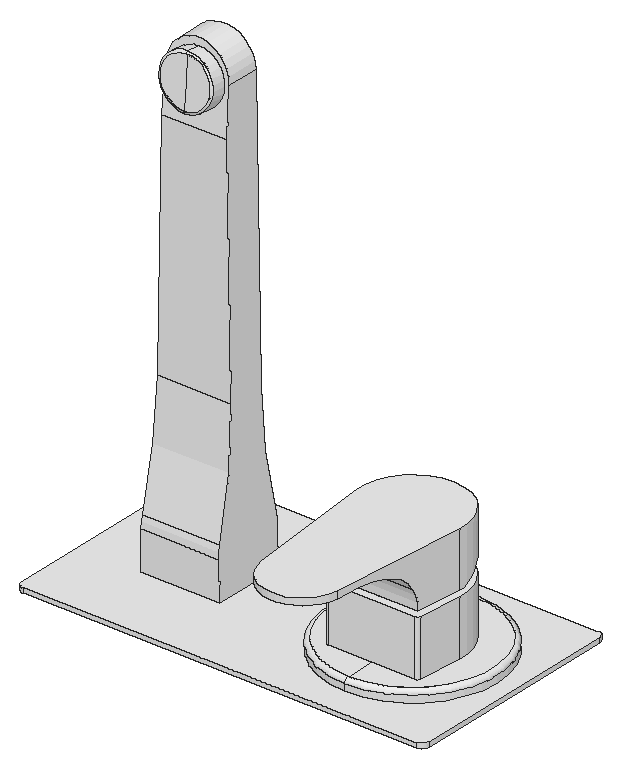
Revit family "Mixer-Basin-Dorf Viridian-Wall", category Plumbing Fixtures, host Face, Revit 2013
Parameters (values of type "Standard")
  Waste Connection = no
  Vent Connection = no
  URL = "http://www.dorf.com.au/"
  Type Comments = "Dorf Viridian Wall Basin Mixer"  # constant formula
  ModifiedIssue_ANZRS = 1  # constant formula
  Model = "811020C5A"  # constant formula
  Material_ANZRS = Metal-Chrome-Caroma
  Manufacturer = "GWA Bathrooms & Kitchens"  # constant formula
  HWFU = 1.58  # constant formula
  HW Connection = yes
  Description = "WELS 5 Star rated, 6L/min"  # constant formula
  Default Elevation = 900 mm
  CreatedBy_ANZRS = "Design Content"  # constant formula
  CreatedByURL_ANZRS = "www.designcontent.com.au"
  Cost = 0
  Connector Radius = 10 mm
  CWFU = 1.58  # constant formula
  CW Connection = yes
  Assembly Code = "C1030210"
Reference planes
  plane 1 "Center (Front/Back)": y = 0
  plane 2: z = 0
  plane 3 "Center (Left/Right)": x = 0
  plane 4 "Right": x = 90
  plane 5 "Left": x = -90
  plane 6 "Top": y = 50
  plane 7 "Bottom": y = -50
  plane 8 "Centre of Mixer": x = 45
  plane 9 "Centre of Outlet": x = -45
Forms (mm)
  Extrusion 1, solid, material "Metal-Chrome-Caroma" <- "Material_ANZRS"
    sketch origin (59.2, 0, 0) x (1, 0, 0) y (0, 1, 0)
      loop
        circle (-7.071, -7.071) r 10
    from -20 to 0
  Extrusion 2, solid, material "Metal-Chrome-Caroma" <- "Material_ANZRS"
    sketch origin (30.8, 0, 0) x (-1, 0, 0) y (0, -1, 0)
      loop
        circle (-7.071, -7.071) r 10
    from -20 to 0
  Extrusion 3, solid, material "Metal-Chrome-Caroma" <- "Material_ANZRS"
    sketch origin (45, 0, 0) x (1, 0, 0) y (0, 1, 0)
      loop
        arc (-20.591, -21.16) -> (-20.107, -22.127) -> (-19.097, -22.518) r 1.5
        line (-19.097, -22.518) -> (19.097, -22.518)
        arc (19.097, -22.518) -> (20.107, -22.127) -> (20.591, -21.16) r 1.5
        line (20.591, -21.16) -> (22.401, -2.131)
        arc (22.401, -2.131) -> (0, 22.502) -> (-22.401, -2.131) r 22.502
        line (-22.401, -2.131) -> (-20.591, -21.16)
    from 0 to 31.5
  Extrusion 4, solid, material "Metal-Chrome-Caroma" <- "Material_ANZRS"
    sketch origin (45, 0, -88.5) x (1, 0, 0) y (0, 1, 0)
      loop
        arc (-16.671, -62.37) -> (0, -77.531) -> (16.671, -62.37) r 16.746
        line (16.671, -62.37) -> (22.401, -2.131)
        arc (22.401, -2.131) -> (0, 22.502) -> (-22.401, -2.131) r 22.502
        line (-22.401, -2.131) -> (-16.671, -62.37)
    from 122.955 to 147.01
  Extrusion 5, void
    sketch origin (0, 0, -88.5) x (0, 1, 0) y (0, 0, 1)
      loop
        line (-81.813, 143.988) -> (-81.813, 120.502) -> (23.699, 120.502) -> (23.699, 132.824) -> (-2.325, 122.044) -> (-22.518, 122.044) -> (-22.518, 122.955)
        arc (-22.518, 122.955) -> (-23.182, 127.89) -> (-25.127, 132.473) r 18.667
        arc (-25.127, 132.473) -> (-28.218, 136.384) -> (-32.234, 139.336) r 18.667
        arc (-32.234, 139.336) -> (-41.472, 142.915) -> (-51.32, 143.988) r 38.061
        line (-51.32, 143.988) -> (-81.813, 143.988)
    from -100 to 100
  Revolve 6, solid, material "Metal-Chrome-Caroma" <- "Material_ANZRS"
    sketch origin (45, 0, -88.5) x (0, 1, 0) y (0, 0, 1)
      loop
        line (0, 120) -> (18.877, 120)
        arc (18.877, 120) -> (17.563, 125.206) -> (14.845, 129.837) r 19
        line (14.845, 129.837) -> (0, 129.837) -> (0, 120)
      axis (0, 129.837) -> (0, 120)
    angle from 0 to 360
  Extrusion 7, solid, material "Metal-Chrome-Caroma" <- "Material_ANZRS"
    sketch origin (0, 0, 0) x (1, 0, 0) y (0, 1, 0)
      loop
        arc (-90, -47) -> (-89.121, -49.121) -> (-87, -50) r 3
        line (-87, -50) -> (87, -50)
        arc (87, -50) -> (89.121, -49.121) -> (90, -47) r 3
        line (90, -47) -> (90, 47)
        arc (90, 47) -> (89.121, 49.121) -> (87, 50) r 3
        line (87, 50) -> (-87, 50)
        arc (-87, 50) -> (-89.121, 49.121) -> (-90, 47) r 3
        line (-90, 47) -> (-90, -47)
    from 0 to 2
  Revolve 8, solid, material "Metal-Chrome-Caroma" <- "Material_ANZRS"
    sketch origin (45, 0, 0) x (0, 1, 0) y (0, 0, 1)
      loop
        line (0, 2) -> (37.5, 2) -> (37.5, 5)
        arc (37.5, 5) -> (36.914, 6.414) -> (35.5, 7) r 2
        line (35.5, 7) -> (0, 7) -> (0, 2)
      axis (0, 7) -> (0, 2)
    angle from 0 to 360
  Extrusion 9, solid, material "Metal-Chrome-Caroma" <- "Material_ANZRS"
    sketch origin (-45, 0, 0) x (0, 1, 0) y (0, 0, 1)
      loop
        line (-16, 2) -> (16, 2) -> (16, 19.137)
        arc (16, 19.137) -> (15.823, 21.792) -> (15.295, 24.4) r 20
        arc (15.295, 24.4) -> (10.019, 50.465) -> (8.25, 77) r 199.884
        line (8.25, 77) -> (8.25, 221.888) -> (-4.647, 221.888) -> (-8.25, 180.71) -> (-8.25, 77)
        arc (-8.25, 77) -> (-10.019, 50.465) -> (-15.295, 24.4) r 199.884
        arc (-15.295, 24.4) -> (-15.823, 21.792) -> (-16, 19.137) r 20
        line (-16, 19.137) -> (-16, 2)
    from -17.5 to 17.5
  Extrusion 10, void
    sketch origin (0, 0, 0) x (1, 0, 0) y (0, 0, 1)
      loop
        line (-62.5, 2) -> (-27.5, 2) -> (-31.025, 201.269)
        arc (-31.025, 201.269) -> (-45, 214.999) -> (-58.975, 201.269) r 13.977
        line (-58.975, 201.269) -> (-62.5, 2)
      loop
        line (-17.755, 233.195) -> (-67.755, 233.195) -> (-67.755, -6.805) -> (-17.755, -6.805) -> (-17.755, 233.195)
    from -24.983 to 18.924
  Revolve 11, solid, material "Metal-Chrome-Caroma" <- "Material_ANZRS"
    sketch origin (-45, 0, 0) x (0, 1, 0) y (0, 0, 1)
      loop
        line (-7.608, 188.046) -> (-6.563, 199.989) -> (-13.039, 200.556) -> (-13.996, 189.609) -> (-13.508, 188.562) -> (-7.608, 188.046)
      axis (-6.563, 199.989) -> (-13.039, 200.556)
    angle from 0 to 360
Cuts and joins
  Extrusion 5 cuts Extrusion 4
  Extrusion 10 cuts Extrusion 9
  joined: Extrusion 3, Extrusion 4, Revolve 6, Extrusion 7, Revolve 8, Extrusion 9, Revolve 11
Lines and regions (mm)
  Masking region 1
    outline origin (0, 0, 0) x (1, 0, 0) y (0, 0, 1)
      loop
        line (-90, 0) -> (90, 0) -> (90, 2) -> (82.5, 2) -> (82.5, 5)
        arc (82.5, 5) -> (81.914, 6.414) -> (80.5, 7) r 2
        line (80.5, 7) -> (67.502, 7) -> (67.502, 31.5) -> (63.877, 31.5) -> (63.324, 34.455) -> (67.501, 34.455) -> (67.501, 58.51) -> (22.499, 58.51) -> (22.499, 34.455) -> (26.676, 34.455) -> (26.123, 31.5) -> (22.498, 31.5) -> (22.498, 7) -> (9.5, 7)
        arc (9.5, 7) -> (8.086, 6.414) -> (7.5, 5) r 2
        line (7.5, 5) -> (7.5, 2) -> (-27.5, 2) -> (-31.025, 201.269)
        arc (-31.025, 201.269) -> (-45, 214.999) -> (-58.975, 201.269) r 13.977
        line (-58.975, 201.269) -> (-62.5, 2) -> (-90, 2) -> (-90, 0)
  symbolic lines
    curve 1: line (22.599, -2.131, 0) -> (28.329, -62.37, 0)
    curve 2: line (61.671, -62.37, 0) -> (67.401, -2.131, 0)
    curve 3: line (67.501, 0, 34.455) -> (22.499, 0, 34.455)
    curve 4: spline (45, 0, 40.821) -> (47.256, 0, 40.767) -> (49.478, 0, 40.609) -> (51.632, 0, 40.347) -> (53.687, 0, 39.987) -> (55.61, 0, 39.533) -> (57.374, 0, 38.992) -> (58.951, 0, 38.372) -> (60.318, 0, 37.683) -> (61.454, 0, 36.936) -> (62.342, 0, 36.14) -> (62.969, 0, 35.309) -> (63.324, 0, 34.455)
    curve 5: spline (26.676, 0, 34.455) -> (27.031, 0, 35.309) -> (27.658, 0, 36.14) -> (28.546, 0, 36.936) -> (29.682, 0, 37.683) -> (31.049, 0, 38.372) -> (32.626, 0, 38.992) -> (34.39, 0, 39.533) -> (36.313, 0, 39.987) -> (38.368, 0, 40.347) -> (40.522, 0, 40.609) -> (42.744, 0, 40.767) -> (45, 0, 40.821)
    curve 6: line (67.502, 0, 31.5) -> (22.498, 0, 31.5)
    curve 7: line (80.5, 0, 7) -> (45, 0, 7)
    curve 8: line (45, 0, 7) -> (9.5, 0, 7)
    curve 9: line (90, 0, 2) -> (-90, 0, 2)
Dimensions and locks
  aligned and locked: plane 2 to host face
  aligned and locked: level to host face
Connectors
  piping at (52.129, -7.071, -20), driven by "Connector Radius", driven by "CWFU"
    settings: on Extrusion 1, index 3, connector radius 0.3937", flow factor 0, pipe flow 0 GPM, pressure drop 0.00 psi, fitting loss kfactor 0, connector angle 0.00°, fixture units 1.58, engagement length 0 mm, flow configuration 3, flow direction 1, fitting loss method 1, system type 20, joint type 0, gender type 0, connector reference index -1, connector utility 0, adjustable connector no, is connector primary yes, fitting loss table "Inward Projecting Pipe", connector description "Cold Inlet"
  piping at (37.871, 7.071, -20), driven by "Connector Radius", driven by "HWFU"
    settings: on Extrusion 2, index 4, connector radius 0.3937", flow factor 0, pipe flow 0 GPM, pressure drop 0.00 psi, fitting loss kfactor 0, connector angle 0.00°, fixture units 1.58, engagement length 0 mm, flow configuration 3, flow direction 1, fitting loss method 1, system type 19, joint type 0, gender type 0, connector reference index -1, connector utility 0, adjustable connector no, is connector primary no, fitting loss table "Inward Projecting Pipe", connector description "Hot Inlet"
